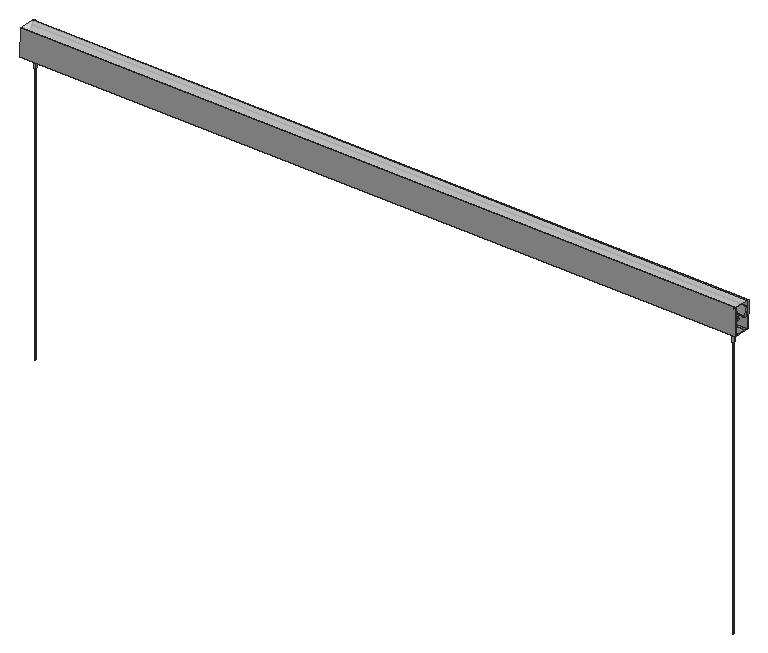
Revit family "2093095 Sylvania Lighting Fixture MC2 D I 2-4M 3K DALI WHT PRIS", category Lighting Fixtures, host Face, Revit 2016
Family settings
  Host = Face
  Part Type = Normal
  Round Connector Dimension = Use Diameter
  OmniClass Number = 23.80.70.11.17
  OmniClass Title = Specialized Lighting by Location or Use
  Cut with Voids When Loaded = No
  Light Source = Yes
  Shared = No
  Room Calculation Point = No
Parameters (values of type "2093095 MC2 D/I 2.4M 3K DALI WHT PRIS")
  Width_SYL = 54.0 mm
  Weight = "6.3 kg"
  Wattage = 64 W
  WarrantyStartDate [instance] = "n/a"
  WarrantyGuarantorParts = "n/a"
  WarrantyDurationUnit = "n/a"
  WarrantyDurationParts = "n/a"
  WarrantyDescription = "n/a"
  built-in parameter 1150110 = 1 (stored number, unit not read)
  Voltage = 0 V
  URL = "http://www.sylvania-lighting.com"
  TypeName = "MC2 D/I 2.4M 3K DALI WHT PRIS"
  built-in parameter 1114217 = 1 (stored number, unit not read)
  Tilt Angle = -90.00°
  built-in parameter 1150109 = 1 (stored number, unit not read)
  built-in parameter 1150134 = (empty or 0)
  built-in parameter 1150113 = 1 (stored number, unit not read)
  SerialNumber [instance] = "n/a"
  PowerFactor = 0.95
  PowerConsumption = "64 W"
  NominalWidth = 0.0 mm
  NominalLength = 2400.0 mm
  NominalHeight = 86.0 mm
  Name = "MC2 D/I 2.4M 3K DALI WHT PRIS"
  ModelReference = "MC2 D/I 2.4M 3K DALI WHT PRIS"
  ModelNumber = "2093095"
  Material_3_SYL = Metal_Sylvania_Mini Contiuum II_Silver
  Photometric Web File = "2093095.ies"
  Material_4_SYL = Metal_Sylvania_Mini Contiuum II_Silver
  MountingHeight_SYL [instance] = 1000.0 mm
  Material = "aluminium housing, polycarbonate diffuser"
  ManufacturerName = "Feilo Sylvania"
  LuminousEfficacy = "116 lm/W"
  LuminaireType = ""
  LightOutputRatio = "100"
  Length_SYL = 2400.0 mm
  LampsType = Lamp  # "LED"
  LampNominalLuminous = "7392 lm"
  LampMacAdamStep = "3"
  LampColourTemperature = "3000 K"
  LampColourRenderingIndex = "80"
  Keynote = "16500"
  InstallationDate [instance] = "n/a"
  InputVoltage = "n/a"
  InputNominalFrequency = "n/a"
  IngressProtection = "IP20"
  ImpactProtectionIndex = "n/a"
  IfcExportType = "IfcLightFixtureType"
  IfcExportAs = "IfcLightFixtureType"
  Height_SYL = 86.0 mm
  ExpectedLife = 50000
  EndCapRight_SYL [instance] = no
  EndCapLeft_SYL [instance] = no
  Emit from Rectangle Width = Width_SYL - 2.0 mm  # 52.0 mm
  Emit from Rectangle Length = Length_SYL  # 2400.0 mm
  Emit Shape Visible in Rendering = no
  ElectricShockClassification = "Class I"
  DurationUnit = "hours"
  DocumentationLiterature = "http://www.sylvania-lighting.com/product/en-int/products/2093095"
  DimmingControlOptions = "n/a"
  CreatedOn = "10/15/2018"
  CreatedBy = "@sylvania-lighting.com"
  built-in parameter 1114216 [instance] = 1 (stored number, unit not read)
  Model = "MC2 D/I 2.4M 3K DALI WHT PRIS"
  Manufacturer = "Feilo Sylvania"
  built-in parameter 1150105 = 590.78 (stored number, unit not read)
  Lumens = 7424 lm
  built-in parameter 1150115 = 1 (stored number, unit not read)
  built-in parameter 1150137 = (empty or 0)
  built-in parameter 1150139 = (empty or 0)
  built-in parameter 1150112 = 1 (stored number, unit not read)
  built-in parameter 1150114 = 1 (stored number, unit not read)
  Lamp = "LED"
  built-in parameter 1150132 = 2
  built-in parameter 1150102 = (empty or 0)
  built-in parameter 1150107 = 3000 (stored number, unit not read)
  built-in parameter 1150138 = (empty or 0)
  built-in parameter 1150106 = 5.9078 (stored number, unit not read)
  Material_1_SYL = Metal_Sylvania_Mini Continuum II_White
  built-in parameter 1150104 = 10.777 (stored number, unit not read)
  Dimming Lamp Color Temperature Shift = <None>
  Material_2_SYL = Polycarbonate_Sylvania_Mini Continuum II_Opal_4000K
  Description = "2093095   MC2 D/I 2.4M 3K DALI WHT PRIS  Continuous lines of LED light, white RAL 9016, direct/indirect distribution (65/35), various accessories available, compact and minimalist design based on the Golden Mean, ideal for offices, meeting rooms, corridors, education facilities, museums and libraries, extruded aluminium body, diffuser: micro prismatic, colour temperature: 3000K warm white, total system power: 64W, total fixture output: 7392lm, luminaire efficacy: 116lm/W, LOR: 100%, colour rendering: Ra >80, LED Chromacity: 1 step MacAdam ellipse, lifetime: 60,000 hours at 90% of the original output (L90), energy class: A++, A+, A, IR/UV free light source without heat radiation, operating voltage: 220-240V / 50-60Hz, drive current: (Direct) 800mA + (Indirect) 350mA, electronic driver, DALI dimmable, direct/indirect independently addressable, electrical protection: CLASS I, IP20, suitable for internal environment only."
  Default Elevation = 0.0 mm
  Color Filter = 16777215
  built-in parameter 1140040 [instance] = 1
  BarCode [instance] = "n/a"
  built-in parameter 1114218 = 1 (stored number, unit not read)
  built-in parameter 1150133 = 10 (stored number, unit not read)
  AssetType = "Fixed"
  AssetIdentifier [instance] = "n/a"
  Assembly Code = "D5020200"
  Apparent Load = 64 VA
Reference planes
  plane 1 "Center (Front/Back)": y = 0
  plane 2 "Bottom Fixtures": z = 0
  plane 3 "Center (Left/Right)": x = 0
  plane 4 "Fixture Left": x = -1200
  plane 5 "Fixture Right": x = 1200
  plane 6 "Fixture Bottom": z = 1000
  plane 7: z = 998
  plane 8: z = 996
  plane 9: z = 986.951
  plane 10: z = 956.951
  plane 11 "Fixture Top": z = 914
  plane 12 "Mounting Right": x = 1172
  plane 13 "Mounting Left": x = -1172
  plane 14: z = 879
  plane 15: y = 27
  plane 16: y = -27
  plane 17: y = -26
  plane 18: y = -25
  plane 19: y = 26
  plane 20: y = 25
  plane 21: y = 11
  plane 22: y = -11
  plane 23: y = 24
  plane 24: y = 22
  plane 25: y = -22
  plane 26: y = 15
  plane 27: y = -15
  plane 28 "Upper Diffuser Left": x = -1050
  plane 29 "Upper Diffuser Right": x = 1050
  plane 30: x = -1202
  plane 31: x = 1202
Forms (mm)
  Extrusion 1, solid, material "Metal_Sylvania_Mini Continuum II_White" <- "Material_1_SYL", detail levels fine
    sketch origin (0, 0, 520) x (0, 1, 0) y (0, 0, 1)
      loop
        line (27, 480) -> (26, 480) -> (26, 478) -> (25, 478) -> (25, 396) -> (13, 396) -> (13, 398) -> (-13, 398) -> (-13, 396) -> (-25, 396) -> (-25, 478) -> (-26, 478) -> (-26, 480) -> (-27, 480) -> (-27, 394) -> (-11, 394) -> (-11, 396) -> (11, 396) -> (11, 394) -> (27, 394) -> (27, 480)
    from -1200 to 1200
  Extrusion 2, solid, material "Polycarbonate_Sylvania_Mini Continuum II_Opal_4000K" <- "Material_2_SYL", detail levels fine
    sketch origin (0, 0, 520) x (0, 1, 0) y (0, 0, 1)
      loop
        line (-26, 480) -> (-26, 478) -> (26, 478) -> (26, 480) -> (-26, 480)
    from -1200 to 1200
  Extrusion 3, solid, material "Metal_Sylvania_Mini Contiuum II_Silver" <- "Material_3_SYL", detail levels fine
    sketch origin (0, 0, 520) x (0, 1, 0) y (0, 0, 1)
      loop
        line (22, 466.951) -> (20.973, 466.951) -> (14.206, 437.951) -> (11, 437.951) -> (11, 436.951) -> (15, 436.951) -> (22, 466.951)
      loop
        line (-15, 436.951) -> (-11, 436.951) -> (-11, 437.951) -> (-14.206, 437.951) -> (-20.973, 466.951) -> (-22, 466.951) -> (-15, 436.951)
    from -1200 to 1200
  Extrusion 4, solid, material "Metal_Sylvania_Mini Continuum II_White" <- "Material_1_SYL", detail levels coarse+medium
    sketch origin (0, 0, 520) x (0, 1, 0) y (0, 0, 1)
      loop
        line (-27, 480) -> (-27, 394) -> (27, 394) -> (27, 480) -> (-27, 480)
    from -1200 to 1200
  Extrusion 5, solid, material "Metal_Sylvania_Mini Contiuum II_Silver" <- "Material_4_SYL", detail levels fine
    sketch origin (0, 0, -86) x (-1, 0, 0) y (0, -1, 0)
      loop
        circle (1172, 0) r 4
      loop
        circle (-1172, 0) r 4
    from 965 to 1002
  Extrusion 6, solid, material "Metal_Sylvania_Mini Contiuum II_Silver" <- "Material_4_SYL", detail levels fine
    sketch origin (0, 0, -86) x (-1, 0, 0) y (0, -1, 0)
      loop
        circle (-1172, 0) r 1
      loop
        circle (1172, 0) r 1
    from 86 to 965
  Extrusion 7, solid, material "Polycarbonate_Sylvania_Mini Continuum II_Opal_4000K" <- "Material_2_SYL", detail levels fine
    sketch origin (0, 0, 0) x (0, 1, 0) y (0, 0, 1)
      loop
        arc (11, 916) -> (5.59, 914.504) -> (0, 914) r 31.25
        arc (0, 914) -> (-5.59, 914.504) -> (-11, 916) r 31.25
        line (-11, 916) -> (-11, 914.934)
        arc (-11, 914.934) -> (-5.584, 913.487) -> (0, 913) r 32.25
        arc (0, 913) -> (5.584, 913.487) -> (11, 914.934) r 32.25
        line (11, 914.934) -> (11, 916)
    from -1050 to 1050
  Extrusion 8, void
    sketch origin (0, 0, 0) x (0, 1, 0) y (0, 0, 1)
      loop
        line (11, 918) -> (-11, 918) -> (-11, 916) -> (11, 916) -> (11, 918)
    from -1050 to 1050
  Extrusion 9, solid, material "Metal_Sylvania_Mini Continuum II_White" <- "Material_1_SYL", visible <- "EndCapLeft_SYL"
    sketch origin (-1200, 171.684, 1219.2) x (0, 1, 0) y (0, 0, 1)
      loop
        line (-198.684, -305.2) -> (-144.684, -305.2) -> (-144.684, -219.2) -> (-198.684, -219.2) -> (-198.684, -305.2)
    from 0 to -2
  Extrusion 10, solid, material "Metal_Sylvania_Mini Continuum II_White" <- "Material_1_SYL", visible <- "EndCapRight_SYL"
    sketch origin (1200, 171.684, 1219.2) x (0, 1, 0) y (0, 0, -1)
      loop
        line (-144.684, 219.2) -> (-144.684, 305.2) -> (-198.684, 305.2) -> (-198.684, 219.2) -> (-144.684, 219.2)
    from 0 to -2
Cuts and joins
  Extrusion 8 cuts Extrusion 1
Lines and regions (mm)
  Masking region 1
    outline origin (0, 0, -86) x (-1, 0, 0) y (0, -1, 0)
      loop
        line (1200, -27) -> (1200, 27) -> (-1200, 27) -> (-1200, -27) -> (1200, -27)
  symbolic lines, detail levels fine
    curve 1: line (-1200, 26, -86) -> (1200, 26, -86)
    curve 2: line (-1200, -26, -86) -> (1200, -26, -86)
  model lines, detail levels coarse+medium
    curve 3: line (-1172, 0, 914) -> (-1172, 0, 0)
    curve 4: line (1172, 0, 914) -> (1172, 0, 0)
Dimensions and locks
  host sketch curve to plane 3 "Center (Left/Right)" to host sketch curve = 820.0 mm, 775.047 mm
  equal spacing: plane 4 "Fixture Left", plane 3 "Center (Left/Right)", plane 5 "Fixture Right"
  "Length_SYL": plane 4 "Fixture Left" to plane 5 "Fixture Right"
  plane 6 "Fixture Bottom" to plane 7 to plane 8 to plane 9 to plane 10 = 2.0 mm locked, 2.0 mm locked, 9.049 mm locked, 30.0 mm locked
  locked: Extrusion 1 sketch curve to Extrusion 1 sketch curve at 2
  locked: Extrusion 1 sketch curve to plane 11 "Fixture Top" at 2
  "Height_SYL": plane 6 "Fixture Bottom" to plane 11 "Fixture Top"
  locked: plane 12 "Mounting Right" to plane 5 "Fixture Right" at 28
  locked: plane 4 "Fixture Left" to plane 13 "Mounting Left" at 28
  locked: plane 11 "Fixture Top" to plane 14 at 35
  "MountingHeight_SYL": plane 6 "Fixture Bottom" to plane 2 "Bottom Fixtures"
  equal spacing: plane 15, plane 1 "Center (Front/Back)", plane 16
  "Width_SYL": plane 15 to plane 16
  plane 22 to plane 27 to plane 25 to plane 18 to plane 17 to plane 16 = 4.0 mm locked, 7.0 mm locked, 3.0 mm locked, 1.0 mm locked, 1.0 mm locked
  plane 15 to plane 19 to plane 20 to plane 23 to plane 24 to plane 26 to plane 21 = 1.0 mm locked, 1.0 mm locked, 1.0 mm locked, 2.0 mm locked, 7.0 mm locked, 4.0 mm locked
  locked: plane 4 "Fixture Left" to plane 28 "Upper Diffuser Left" at 150
  locked: plane 29 "Upper Diffuser Right" to plane 5 "Fixture Right" at 150
  equal spacing: plane 30, plane 3 "Center (Left/Right)", plane 31
  locked: plane 30 to plane 4 "Fixture Left" at 2
  aligned and locked: plane 2 "Bottom Fixtures" to host face
  aligned and locked: level to host face
  aligned and locked: plane 5 "Fixture Right" to curve 1
  aligned and locked: plane 4 "Fixture Left" to curve 1
  aligned and locked: plane 4 "Fixture Left" to curve 2
  aligned and locked: plane 5 "Fixture Right" to curve 2
  aligned and locked: Extrusion 1 sketch curve to plane 7
  aligned and locked: plane 6 "Fixture Bottom" to Extrusion 1 sketch curve  (x2)
  aligned and locked: plane 7 to Extrusion 1 sketch curve
  aligned and locked: Extrusion 1 to Extrusion 2 sketch curve
  aligned and locked: Extrusion 2 sketch curve to Extrusion 1  (x3)
  aligned and locked: Extrusion 3 sketch curve to plane 10
  aligned and locked: plane 9 to Extrusion 3 sketch curve
  aligned and locked: Extrusion 3 sketch curve to plane 9
  aligned and locked: Extrusion 4 sketch curve to plane 6 "Fixture Bottom"
  aligned and locked: Extrusion 4 to plane 4 "Fixture Left"
  aligned and locked: Extrusion 2 to plane 4 "Fixture Left"
  aligned and locked: Extrusion 3 to plane 4 "Fixture Left"
  aligned and locked: Extrusion 1 to plane 4 "Fixture Left"
  aligned and locked: Extrusion 4 to plane 5 "Fixture Right"
  aligned and locked: Extrusion 2 to plane 5 "Fixture Right"
  aligned and locked: Extrusion 3 to plane 5 "Fixture Right"
  aligned and locked: Extrusion 1 to plane 5 "Fixture Right"
  aligned and locked: plane 11 "Fixture Top" to Extrusion 4 sketch curve
  aligned and locked: Extrusion 1 sketch curve to plane 11 "Fixture Top"  (x2)
  aligned and locked: Extrusion 1 sketch curve to Extrusion 1 sketch curve
  aligned and locked: plane 6 "Fixture Bottom" to imposter light
  aligned and locked: plane 11 "Fixture Top" to curve 3
  aligned and locked: plane 2 "Bottom Fixtures" to curve 3
  aligned and locked: plane 11 "Fixture Top" to curve 4
  aligned and locked: plane 2 "Bottom Fixtures" to curve 4
  aligned and locked: curve 4 to plane 12 "Mounting Right"
  aligned and locked: curve 3 to plane 13 "Mounting Left"
  aligned and locked: Extrusion 5 to Extrusion 1
  aligned and locked: Extrusion 5 to plane 14
  aligned and locked: plane 14 to Extrusion 6
  aligned and locked: Extrusion 6 to level
  aligned and locked: plane 11 "Fixture Top" to Extrusion 7 sketch curve
  aligned and locked: Extrusion 7 to plane 28 "Upper Diffuser Left"
  aligned and locked: Extrusion 7 to plane 29 "Upper Diffuser Right"
  aligned and locked: plane 21 to Extrusion 3 sketch curve
  aligned and locked: Extrusion 3 sketch curve to plane 22
  aligned and locked: Extrusion 8 sketch curve to plane 21
  aligned and locked: Extrusion 8 sketch curve to plane 22
  aligned and locked: Extrusion 8 sketch curve to Extrusion 1  (x2)
  aligned and locked: Extrusion 8 to Extrusion 7  (x2)
  aligned and locked: plane 21 to Extrusion 7 sketch curve
  aligned and locked: plane 1 "Center (Front/Back)" to Extrusion 7 sketch curve
  aligned and locked: plane 22 to Extrusion 7 sketch curve
  aligned and locked: Extrusion 9 sketch curve to Extrusion 4  (x4)
  aligned and locked: Extrusion 9 to plane 30
  aligned and locked: plane 4 "Fixture Left" to Extrusion 9
  aligned and locked: Extrusion 10 sketch curve to Extrusion 4  (x4)
  aligned and locked: plane 31 to Extrusion 10
  aligned and locked: plane 5 "Fixture Right" to Extrusion 10
Automatic sketch dimensions
  host sketch curve to host sketch curve = 1047.463 mm
  plane 19 to curve 1 = 0.0 mm
  curve 2 to plane 17 = 0.0 mm
  Masking region 1 sketch curve to plane 5 "Fixture Right" = 0.0 mm
  Masking region 1 sketch curve to plane 4 "Fixture Left" = 0.0 mm
  plane 15 to Masking region 1 sketch curve = 0.0 mm
  Masking region 1 sketch curve to plane 16 = 0.0 mm
  Extrusion 1 sketch curve to plane 16 = 0.0 mm
  Extrusion 1 sketch curve to plane 17 = 0.0 mm
  Extrusion 1 sketch curve to plane 18 = 0.0 mm
  Extrusion 1 sketch curve to plane 22 = 0.0 mm
  Extrusion 1 sketch curve to plane 21 = 0.0 mm
  Extrusion 1 sketch curve to plane 20 = 0.0 mm
  Extrusion 1 sketch curve to plane 19 = 0.0 mm
  Extrusion 1 sketch curve to plane 15 = 0.0 mm
  plane 11 "Fixture Top" to Extrusion 1 sketch curve = 2.0 mm
  Extrusion 1 sketch curve to plane 22 = 2.0 mm
  Extrusion 1 sketch curve to plane 21 = 2.0 mm
  Extrusion 3 sketch curve to plane 25 = 0.0 mm
  Extrusion 3 sketch curve to plane 27 = 0.0 mm
  Extrusion 3 sketch curve to plane 26 = 0.0 mm
  Extrusion 3 sketch curve to plane 24 = 0.0 mm
  plane 10 to Extrusion 3 sketch curve = 1.0 mm
  Extrusion 3 sketch curve to Extrusion 3 sketch curve = 1.027 mm
  plane 27 to Extrusion 3 sketch curve = 0.794 mm
  plane 26 to Extrusion 3 sketch curve = 0.794 mm
  plane 24 to Extrusion 3 sketch curve = 1.027 mm
  Extrusion 4 sketch curve to plane 16 = 0.0 mm
  Extrusion 4 sketch curve to plane 15 = 0.0 mm
  plane 1 "Center (Front/Back)" to Extrusion 5 sketch curve = 0.0 mm  (x2)
  Extrusion 5 sketch curve to plane 12 "Mounting Right" = 0.0 mm
  Extrusion 5 sketch curve to plane 13 "Mounting Left" = 0.0 mm
  plane 1 "Center (Front/Back)" to Extrusion 6 sketch curve = 0.0 mm  (x2)
  Extrusion 6 sketch curve to plane 12 "Mounting Right" = 0.0 mm
  Extrusion 6 sketch curve to plane 13 "Mounting Left" = 0.0 mm
  Extrusion 7 sketch curve to Extrusion 7 sketch curve = 0.0 mm  (x4)
  plane 11 "Fixture Top" to Extrusion 7 sketch curve = 0.934 mm
  Extrusion 3 sketch curve to Extrusion 3 sketch curve = 0.0 mm
  Extrusion 3 sketch curve to plane 10 = 0.0 mm
  plane 11 "Fixture Top" to Extrusion 7 sketch curve = 2.0 mm
  radius of Extrusion 5 sketch curve = 4.0 mm  (x2)
  radius of Extrusion 6 sketch curve = 1.0 mm  (x2)
Connectors
  electrical at (1200, 0, 949), driven by "Apparent Load"
    settings: on Extrusion 1, index 1, voltage 230 V, apparent load 0 VA, apparent load phase1 64 VA, apparent load phase2 0 VA, apparent load phase3 0 VA, power factor 1, load classification "Lighting", number of poles 1, system type 31, power factor state 1, is connector primary yes, connector utility no, sub classification motor no, connector description ""
